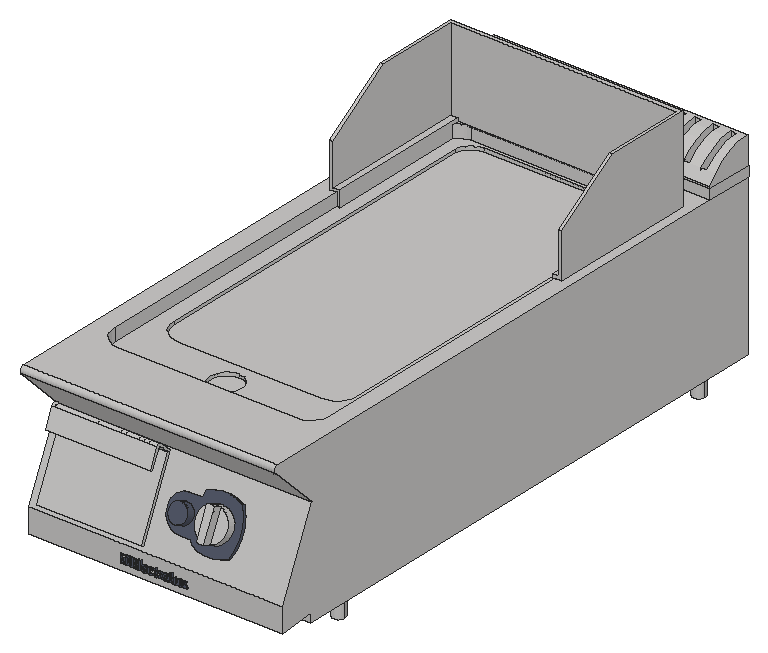
Revit family "QF_ELECTROLUXPROFESSIONAL_391588_E9IINTAOMCI", category Attrezzature speciali, Revit 2021
Family settings
  Quota connettore circolare = Usa diametro
  Tipo di parte = Normale
  Basato su piano di lavoro = No
  Sempre verticale = Sì
  Taglio con vuoti quando caricato = No
  Condiviso = No
  Punto di calcolo locali = No
Parameters (values of type "Standard")
  Weight = 55.00 kg
  Watts = 0 W
  Volts = 0 V
  URL Manufacturer = "https://www.electroluxprofessional.com/"
  URL = "https://www.electroluxprofessional.com/"
  Steam Supply Size = 0"
  Steam Supply Minimum Pressure = 0.00 psi
  Steam Supply Maximum Pressure = 0.00 psi
  Steam Consumption per Hour = 0
  Show Logo [instance] = yes
  Show Clearance [instance] = yes
  Refrigeration Suction Line Size = 0 mm
  Refrigeration Liquid Line Size = 0 mm
  Refrigerant Compressor Remote = yes
  Prospetto di default = 0 mm
  Phase = 0
  Modello = "E9IINTAOMCI"
  Produttore = "Electrolux Professional"
  Length Actual = 400 mm  # constant formula
  Item Number = "391588"
  Hot Water Size = 0"
  Height Actual = 250 mm  # constant formula
  HP = "0 HP"
  Gas Size = 1/2"
  Gas KW = 10
  Gas Input Pressure = 0.336018 Btu/h
  Direct Waste Size = 0"
  Descrizione = "GAS FRY TOP SMOOTH HORIZONTAL PLATE 400MM-BRUSHED CHROME - QMARK"
  Depth Actual = 930 mm  # constant formula
  Cycle = 0 Hz
  Condensate Return Size = 0"
  Compressed Air Volume = 0 GPM
  Compressed Air Size = 0"
  Compressed Air Pressure = 0.00 psi
  Cold Water Size = 0"
  Base Height [instance] = 24 mm  # constant formula
  Accessory = yes
Reference planes
  plane 1 "BACK": y = 0
  plane 2: z = 0
  plane 3 "LEFT": x = 0
  plane 4 "RIGHT": x = 400
  plane 5 "FRONT": y = -930
  plane 6 "TOP": z = 410
  plane 7 "Center Y": x = 200
  plane 8 "Center X": y = -465
  plane 9 "BASE": z = 24
  plane 10: y = -791
  plane 11: y = -83
  plane 12: x = 348
  plane 13: y = -1045
  plane 14: z = 275
  plane 15: y = -666
  plane 16: y = -346.873
Forms (mm)
  Extrusion 1, solid, material "QF_Clearances", visible <- "Show Clearance", detail levels coarse
    sketch origin (0, 0, 0) x (1, 0, 0) y (0, 1, 0)
      loop
        line (0, -930) -> (0, 0) -> (400.05, 0) -> (400.05, -930) -> (500.069, -930) -> (500.069, 100.019) -> (-100.019, 100.019) -> (-100.019, -930) -> (0, -930)
    from 0 to 410
  Extrusion 2, solid, material "QF_Finishes_Stainless Steel"
    sketch origin (0, -200, 0) x (0, 1, 0) y (0, 0, 1)
      loop
        line (200, 275) -> (-723.497, 275)
        arc (-723.497, 275) -> (-729.729, 270.836) -> (-728.267, 263.485) r 6.745
        line (-728.267, 263.485) -> (-657.416, 192.634) -> (-713.772, 70.59) -> (-713.772, 32.49) -> (-660.4, 38.1) -> (-660.4, 24) -> (200, 24) -> (200, 275)
    from 0 to 400.05
  Extrusion 3, void
    sketch origin (0, -202.381, 275.4) x (-1, 0, 0) y (0, -1, 0)
      loop
        arc (-55.4, -87.381) -> (-37.439, -79.942) -> (-30, -61.981) r 25.4
        line (-30, -61.981) -> (-30, 579.98)
        arc (-30, 579.98) -> (-40.99, 606.513) -> (-67.523, 617.504) r 37.523
        line (-67.523, 617.504) -> (-344.314, 617.504)
        arc (-344.314, 617.504) -> (-366.048, 608.501) -> (-375.05, 586.768) r 30.736
        line (-375.05, 586.768) -> (-375.05, -61.981)
        arc (-375.05, -61.981) -> (-367.611, -79.942) -> (-349.65, -87.381) r 25.4
        line (-349.65, -87.381) -> (-55.4, -87.381)
    from 0 to -20
  Extrusion 4, solid, material "QF_Finishes_Stainless Steel"
    sketch origin (0, -200, 0) x (1, 0, 0) y (0, 1, 0)
      loop
        circle (11.112, 117) r 9.525
      loop
        circle (11.112, -591) r 9.525
      loop
        circle (388.887, 117) r 9.525
      loop
        circle (388.888, -591) r 9.525
    from 0 to 24
  Extrusion 5, solid, material "QF_Finishes_Navy Blue - Electrolux"
    sketch origin (115.456, -913.772, 69.19) x (0, 0.419232, 0.907879) y (-1, 0, 0)
      loop
        arc (102.26, -132.62) -> (97.637, -130.762) -> (92.92, -129.161) r 90.355
        arc (92.92, -129.161) -> (93.04, -117.639) -> (92.027, -106.161) r 117.12
        arc (92.027, -106.161) -> (66.337, -82.611) -> (38.409, -103.459) r 27.322
        arc (38.409, -103.459) -> (36.611, -116.6) -> (37.509, -129.833) r 65.199
        arc (37.509, -129.833) -> (34.4, -130.94) -> (31.333, -132.16) r 90.355
        arc (31.333, -132.16) -> (24.504, -161.269) -> (31.333, -190.378) r 65.456
        arc (31.333, -190.378) -> (66.877, -199.452) -> (102.26, -189.765) r 71.728
        arc (102.26, -189.765) -> (108.852, -161.193) -> (102.26, -132.62) r 65.22
    from 0 to 3.175
  Extrusion 6, solid, material "QF_Finishes_Stainless Steel"
    sketch origin (115.456, -917.486, 68.721) x (0, 0.419232, 0.907879) y (-1, 0, 0)
      loop
        circle (68.826, -160.963) r 25.4
    from 0 to 12.7
  Extrusion 7, solid, material "QF_Finishes_Stainless Steel"
    sketch origin (115.456, -929.016, 74.045) x (0, 0.419232, 0.907879) y (-1, 0, 0)
      loop
        arc (93.558, -166.749) -> (94.226, -160.963) -> (93.558, -155.177) r 25.4
        line (93.558, -155.177) -> (44.094, -155.177)
        arc (44.094, -155.177) -> (43.426, -160.963) -> (44.094, -166.749) r 25.4
        line (44.094, -166.749) -> (93.558, -166.749)
    from 0 to 12.7
  Extrusion 8, solid, material "QF_Finishes_Navy Blue - Electrolux", visible <- "Show Logo"
    sketch origin (-142.26, -913.772, 35.853) x (0, 0, 1) y (-1, 0, 0)
      loop
        line (20.674, -296.698) -> (8.307, -296.698)
        arc (8.307, -296.698) -> (14.491, -301.27) -> (20.674, -296.698) r 6.467
      loop
        arc (20.674, -296.069) -> (19.505, -290.926) -> (14.849, -288.448) r 6.338
        line (14.849, -288.448) -> (14.849, -290.494)
        arc (14.849, -290.494) -> (16.333, -294.149) -> (19.778, -296.069) r 5.941
        line (19.778, -296.069) -> (20.674, -296.069)
      loop
        arc (9.203, -296.069) -> (12.648, -294.149) -> (14.132, -290.494) r 5.941
        line (14.132, -290.494) -> (14.132, -288.448)
        arc (14.132, -288.448) -> (9.438, -290.922) -> (8.148, -296.069) r 6.504
        line (8.148, -296.069) -> (9.203, -296.069)
      loop
        line (21.349, -287.979) -> (7.604, -287.979) -> (7.604, -301.742) -> (21.349, -301.742) -> (21.349, -287.979)
      loop
        arc (21.432, -304.71) -> (21.085, -304.352) -> (20.718, -304.69) r 0.358
        arc (20.718, -304.69) -> (20.404, -305.44) -> (19.687, -305.825) r 1.216
        line (19.687, -305.825) -> (9.274, -305.825)
        arc (9.274, -305.825) -> (8.614, -305.548) -> (8.218, -304.951) r 1.238
        arc (8.218, -304.951) -> (7.823, -304.7) -> (7.518, -305.054) r 0.358
        line (7.518, -305.054) -> (7.518, -314.933) -> (10.269, -314.933) -> (10.269, -314.036)
        arc (10.269, -314.036) -> (9.36, -313.456) -> (8.904, -312.479) r 1.928
        line (8.904, -312.479) -> (8.904, -309.98)
        arc (8.904, -309.98) -> (9.18, -309.251) -> (9.868, -308.887) r 1.101
        line (9.868, -308.887) -> (13.955, -308.887) -> (13.955, -312.561)
        arc (13.955, -312.561) -> (13.602, -313.058) -> (13.037, -313.286) r 1.083
        arc (13.037, -313.286) -> (12.773, -313.591) -> (13.065, -313.869) r 0.292
        line (13.065, -313.869) -> (16.028, -313.869)
        arc (16.028, -313.869) -> (16.33, -313.596) -> (16.092, -313.266) r 0.305
        arc (16.092, -313.266) -> (15.601, -313.018) -> (15.296, -312.561) r 1.083
        line (15.296, -312.561) -> (15.296, -308.887) -> (19.973, -308.887) -> (19.973, -312.635)
        arc (19.973, -312.635) -> (19.759, -313.39) -> (19.153, -313.888) r 1.314
        arc (19.153, -313.888) -> (18.934, -314.292) -> (19.288, -314.585) r 0.361
        line (19.288, -314.585) -> (21.432, -314.585) -> (21.432, -304.71)
      loop
        arc (20.715, -315.365) -> (20.335, -316.284) -> (19.416, -316.664) r 1.299
        line (19.416, -316.664) -> (9.837, -316.664)
        arc (9.837, -316.664) -> (8.999, -316.286) -> (8.728, -315.408) r 1.118
        line (8.728, -315.408) -> (7.518, -315.408) -> (7.518, -320.758) -> (8.706, -320.758)
        arc (8.706, -320.758) -> (8.978, -319.841) -> (9.848, -319.445) r 1.153
        line (9.848, -319.445) -> (21.92, -319.445) -> (20.715, -315.365)
      loop
        line (12.483, -323.394) -> (12.483, -329.842) -> (13.282, -329.842)
        arc (13.282, -329.842) -> (15.862, -328.857) -> (17.131, -326.404) r 3.874
        line (17.131, -326.404) -> (17.131, -324.643)
        arc (17.131, -324.643) -> (15.944, -321.778) -> (13.08, -320.592) r 4.051
        line (13.08, -320.592) -> (11.072, -320.592)
        arc (11.072, -320.592) -> (8.253, -322.077) -> (7.202, -325.084) r 4.352
        arc (7.202, -325.084) -> (7.566, -327.547) -> (8.943, -329.621) r 5.713
        line (8.943, -329.621) -> (9.892, -329.621)
        arc (9.892, -329.621) -> (9.16, -328.052) -> (8.943, -326.334) r 5.579
        arc (8.943, -326.334) -> (9.737, -324.371) -> (11.616, -323.394) r 3.057
        line (11.616, -323.394) -> (12.483, -323.394)
      loop
        line (13.742, -323.394) -> (13.742, -326.977)
        arc (13.742, -326.977) -> (15.199, -327.024) -> (16.082, -325.864) r 1.59
        line (16.082, -325.864) -> (16.082, -325.034)
        arc (16.082, -325.034) -> (15.217, -323.779) -> (13.742, -323.394) r 2.184
      loop
        arc (16.533, -339.259) -> (17.022, -337.585) -> (17.179, -335.848) r 9.023
        line (17.179, -335.848) -> (17.179, -334.486)
        arc (17.179, -334.486) -> (16.02, -331.686) -> (13.22, -330.527) r 3.959
        line (13.22, -330.527) -> (10.62, -330.527)
        arc (10.62, -330.527) -> (8.338, -331.819) -> (7.221, -334.192) r 4.331
        line (7.221, -334.192) -> (7.221, -336.327)
        arc (7.221, -336.327) -> (7.729, -337.877) -> (8.651, -339.223) r 5.772
        arc (8.651, -339.223) -> (9.412, -339.274) -> (9.499, -338.515) r 0.553
        arc (9.499, -338.515) -> (9.111, -337.781) -> (8.977, -336.962) r 2.573
        line (8.977, -336.962) -> (8.977, -335.447)
        arc (8.977, -335.447) -> (9.983, -333.806) -> (11.798, -333.163) r 2.884
        line (11.798, -333.163) -> (13.077, -333.163)
        arc (13.077, -333.163) -> (14.898, -333.723) -> (15.824, -335.388) r 2.554
        line (15.824, -335.388) -> (15.824, -336.441)
        arc (15.824, -336.441) -> (15.493, -337.369) -> (14.836, -338.104) r 2.564
        arc (14.836, -338.104) -> (14.614, -338.821) -> (15.223, -339.259) r 0.643
        line (15.223, -339.259) -> (16.533, -339.259)
      loop
        line (15.515, -339.53) -> (15.515, -341.031) -> (9.467, -341.031)
        arc (9.467, -341.031) -> (7.879, -341.688) -> (7.221, -343.276) r 2.246
        line (7.221, -343.276) -> (7.221, -344.86)
        arc (7.221, -344.86) -> (7.535, -345.725) -> (8.035, -346.496) r 4.06
        arc (8.035, -346.496) -> (8.768, -346.629) -> (9.019, -345.928) r 0.576
        arc (9.019, -345.928) -> (8.913, -345.403) -> (8.977, -344.87) r 1.69
        arc (8.977, -344.87) -> (9.519, -344.082) -> (10.425, -343.779) r 1.506
        line (10.425, -343.779) -> (15.563, -343.779) -> (15.563, -346.176) -> (16.119, -346.733) -> (16.941, -346.733) -> (16.941, -343.873) -> (20.172, -343.873) -> (15.515, -339.53)
      loop
        line (7.438, -347.63) -> (7.438, -353.017) -> (8.548, -353.017)
        arc (8.548, -353.017) -> (8.942, -352.066) -> (9.893, -351.672) r 1.345
        line (9.893, -351.672) -> (13.509, -351.672)
        arc (13.509, -351.672) -> (14.274, -352.264) -> (14.564, -353.186) r 1.615
        line (14.564, -353.186) -> (14.564, -354.742) -> (17.119, -355.427) -> (17.119, -354.044) -> (15.177, -351.485) -> (17.057, -351.485) -> (16.773, -348.779)
        arc (16.773, -348.779) -> (16.333, -348.249) -> (15.674, -348.45) r 0.621
        arc (15.674, -348.45) -> (15.274, -348.792) -> (14.78, -348.975) r 1.501
        line (14.78, -348.975) -> (9.893, -348.975)
        arc (9.893, -348.975) -> (8.942, -348.581) -> (8.548, -347.63) r 1.345
        line (8.548, -347.63) -> (7.438, -347.63)
      loop
        line (13.54, -354.964) -> (10.848, -354.964)
        arc (10.848, -354.964) -> (8.403, -356.272) -> (7.269, -358.803) r 4.288
        arc (7.269, -358.803) -> (7.205, -360.183) -> (7.269, -361.563) r 15.022
        arc (7.269, -361.563) -> (8.403, -364.094) -> (10.848, -365.401) r 4.288
        line (10.848, -365.401) -> (13.54, -365.401)
        arc (13.54, -365.401) -> (15.986, -364.094) -> (17.119, -361.563) r 4.288
        arc (17.119, -361.563) -> (17.183, -360.183) -> (17.119, -358.803) r 15.022
        arc (17.119, -358.803) -> (15.986, -356.272) -> (13.54, -354.964) r 4.288
      loop
        line (13.745, -358.078) -> (10.643, -358.078)
        arc (10.643, -358.078) -> (8.486, -360.235) -> (10.643, -362.392) r 2.157
        line (10.643, -362.392) -> (13.745, -362.392)
        arc (13.745, -362.392) -> (15.902, -360.235) -> (13.745, -358.078) r 2.157
      loop
        arc (20.726, -365.26) -> (20.355, -366.154) -> (19.461, -366.524) r 1.264
        line (19.461, -366.524) -> (9.597, -366.524)
        arc (9.597, -366.524) -> (8.727, -366.127) -> (8.455, -365.211) r 1.153
        line (8.455, -365.211) -> (7.518, -365.211) -> (7.518, -370.319) -> (8.446, -370.319)
        arc (8.446, -370.319) -> (8.805, -369.547) -> (9.597, -369.232) r 1.153
        line (9.597, -369.232) -> (21.92, -369.232) -> (20.726, -365.26)
      loop
        arc (15.846, -369.857) -> (15.647, -370.921) -> (14.678, -371.403) r 1.215
        line (14.678, -371.403) -> (9.658, -371.403)
        arc (9.658, -371.403) -> (8.043, -372.051) -> (7.322, -373.634) r 2.338
        line (7.322, -373.634) -> (7.322, -375.148)
        arc (7.322, -375.148) -> (7.497, -376.152) -> (7.999, -377.038) r 2.979
        line (7.999, -377.038) -> (7.518, -378.835) -> (7.518, -380.524) -> (16.943, -380.524) -> (16.649, -376.32) -> (15.863, -376.32)
        arc (15.863, -376.32) -> (15.507, -377.156) -> (14.755, -377.665) r 1.605
        line (14.755, -377.665) -> (9.652, -377.665)
        arc (9.652, -377.665) -> (9.232, -376.728) -> (9.159, -375.704) r 2.94
        arc (9.159, -375.704) -> (9.72, -374.603) -> (10.873, -374.16) r 1.724
        line (10.873, -374.16) -> (17.07, -374.16) -> (15.846, -369.857)
      loop
        line (16.874, -381.377) -> (15.202, -383.423) -> (12.028, -385.729) -> (8.572, -382.617)
        arc (8.572, -382.617) -> (8.335, -382.223) -> (8.357, -381.764) r 0.789
        line (8.357, -381.764) -> (7.518, -381.764) -> (7.518, -385.309) -> (8.344, -385.309)
        arc (8.344, -385.309) -> (8.686, -384.947) -> (9.176, -385.039) r 0.52
        line (9.176, -385.039) -> (10.976, -386.51) -> (8.858, -387.886)
        arc (8.858, -387.886) -> (8.457, -387.576) -> (8.37, -387.076) r 0.7
        line (8.37, -387.076) -> (7.518, -387.076) -> (7.518, -393.003) -> (8.405, -393.003)
        arc (8.405, -393.003) -> (8.472, -392.344) -> (8.866, -391.813) r 1.247
        line (8.866, -391.813) -> (13.066, -388.532) -> (15.513, -390.585) -> (16.874, -392.327) -> (16.874, -388.604) -> (15.389, -389.026) -> (13.868, -387.749) -> (15.568, -386.559) -> (16.874, -387.336) -> (16.874, -381.377)
    from 0 to 1.644
  Extrusion 9, solid, material "QF_Finishes_Stainless Steel"
    sketch origin (0, -200, 0) x (0, 1, 0) y (0, 0, 1)
      loop
        line (-658.831, 188.559) -> (-675.238, 204.966)
        arc (-675.238, 204.966) -> (-679.705, 206.368) -> (-683.409, 203.504) r 5.058
        line (-683.409, 203.504) -> (-696.071, 175.994) -> (-693.187, 174.666) -> (-680.525, 202.176)
        arc (-680.525, 202.176) -> (-679.146, 203.243) -> (-677.483, 202.721) r 1.883
        line (-677.483, 202.721) -> (-662.64, 187.878) -> (-713.474, 77.433) -> (-710.589, 76.105) -> (-658.831, 188.559)
    from 12.7 to 177.8
  Extrusion 10, solid, material "QF_Door-Drawer Clearances", visible <- "Show Clearance", detail levels coarse
    sketch origin (0, -301.6, 0) x (0, 1, 0) y (0, 0, 1)
      loop
        line (-576.323, 206.368) -> (-709.631, 206.368)
        arc (-709.631, 206.368) -> (-711.835, 205.39) -> (-713.335, 203.504) r 5.058
        line (-713.335, 203.504) -> (-725.997, 175.994) -> (-723.113, 174.666) -> (-710.451, 202.176)
        arc (-710.451, 202.176) -> (-709.072, 203.243) -> (-707.409, 202.721) r 1.883
        line (-707.409, 202.721) -> (-692.566, 187.878) -> (-743.4, 77.433) -> (-740.516, 76.105) -> (-608.989, 76.105) -> (-557.231, 188.559) -> (-573.638, 204.966)
        arc (-573.638, 204.966) -> (-574.873, 205.873) -> (-576.323, 206.368) r 5.058
    from 12.7 to 177.8
  Extrusion 11, solid, material "QF_Finishes_Stainless Steel"
    sketch origin (0, 0, 24) x (-1, 0, 0) y (0, 1, 0)
      loop
        circle (-348.05, -666) r 6.4
    from 0 to 18
  Extrusion 12, solid, material "QF_Finishes_Stainless Steel"
    sketch origin (0, -200, 0) x (0, -1, 0) y (0, 0, 1)
      loop
        line (-124.988, 275) -> (-124.988, 290) -> (-200, 290) -> (-200, 275) -> (-124.988, 275)
    from 0 to -400.05
  Extrusion 13, solid, material "QF_Finishes_Stainless Steel"
    sketch origin (0, 0, 0) x (0, 1, 0) y (0, 0, 1)
      loop
        line (0, 290) -> (0, 333.762)
        arc (0, 333.762) -> (-42.919, 323.313) -> (-75.012, 292.959) r 86.116
        line (-75.012, 292.959) -> (-75.012, 290) -> (0, 290)
    from 0 to 400
  Extrusion 14, void
    sketch origin (0, 0, 273.238) x (-1, 0, 0) y (0, -1, 0)
      loop
        line (-13.453, 6.761) -> (-13.453, 63.911) -> (-22.749, 63.911) -> (-22.749, 6.761) -> (-13.453, 6.761)
    from 25.4 to 63.5
  Extrusion 15, void
    sketch origin (400.05, 0, 273.238) x (1, 0, 0) y (0, 1, 0)
      loop
        line (-13.503, -6.761) -> (-22.799, -6.761) -> (-22.799, -63.911) -> (-13.503, -63.911) -> (-13.503, -6.761)
    from 25.4 to 63.5
  Extrusion 16, void
    sketch origin (27.988, 0, 273.238) x (-1, 0, 0) y (0, -1, 0)
      loop
        line (-13.453, 6.761) -> (-13.453, 63.911) -> (-22.749, 63.911) -> (-22.749, 6.761) -> (-13.453, 6.761)
    from 25.4 to 63.5
  Extrusion 17, void
    sketch origin (55.977, 0, 273.238) x (-1, 0, 0) y (0, -1, 0)
      loop
        line (-13.453, 6.761) -> (-13.453, 63.911) -> (-22.749, 63.911) -> (-22.749, 6.761) -> (-13.453, 6.761)
    from 25.4 to 63.5
  Extrusion 18, void
    sketch origin (83.965, 0, 273.238) x (-1, 0, 0) y (0, -1, 0)
      loop
        line (-13.428, 6.761) -> (-13.428, 63.911) -> (-22.724, 63.911) -> (-22.724, 6.761) -> (-13.428, 6.761)
    from 25.4 to 63.5
  Extrusion 19, void
    sketch origin (111.953, 0, 273.238) x (-1, 0, 0) y (0, -1, 0)
      loop
        line (-13.428, 6.761) -> (-13.428, 63.911) -> (-22.724, 63.911) -> (-22.724, 6.761) -> (-13.428, 6.761)
    from 25.4 to 63.5
  Extrusion 20, void
    sketch origin (139.942, 0, 273.238) x (-1, 0, 0) y (0, -1, 0)
      loop
        line (-13.428, 6.761) -> (-13.428, 63.911) -> (-22.724, 63.911) -> (-22.724, 6.761) -> (-13.428, 6.761)
    from 25.4 to 63.5
  Extrusion 21, void
    sketch origin (167.93, 0, 273.238) x (-1, 0, 0) y (0, -1, 0)
      loop
        line (-13.428, 6.761) -> (-13.428, 63.911) -> (-22.724, 63.911) -> (-22.724, 6.761) -> (-13.428, 6.761)
    from 25.4 to 63.5
  Extrusion 22, void
    sketch origin (307.872, 0, 273.238) x (-1, 0, 0) y (0, -1, 0)
      loop
        line (-13.403, 6.761) -> (-13.403, 63.911) -> (-22.699, 63.911) -> (-22.699, 6.761) -> (-13.403, 6.761)
    from 25.4 to 63.5
  Extrusion 23, void
    sketch origin (335.86, 0, 273.238) x (-1, 0, 0) y (0, -1, 0)
      loop
        line (-13.403, 6.761) -> (-13.403, 63.911) -> (-22.699, 63.911) -> (-22.699, 6.761) -> (-13.403, 6.761)
    from 25.4 to 63.5
  Extrusion 24, void
    sketch origin (228.013, 0, 273.238) x (-1, 0, 0) y (0, -1, 0)
      loop
        line (-13.428, 6.761) -> (-13.428, 63.911) -> (-22.724, 63.911) -> (-22.724, 6.761) -> (-13.428, 6.761)
    from 25.4 to 63.5
  Extrusion 25, void
    sketch origin (256.002, 0, 273.238) x (-1, 0, 0) y (0, -1, 0)
      loop
        line (-13.428, 6.761) -> (-13.428, 63.911) -> (-22.724, 63.911) -> (-22.724, 6.761) -> (-13.428, 6.761)
    from 25.4 to 63.5
  Extrusion 26, void
    sketch origin (283.99, 0, 273.238) x (-1, 0, 0) y (0, -1, 0)
      loop
        line (-13.403, 6.761) -> (-13.403, 63.911) -> (-22.699, 63.911) -> (-22.699, 6.761) -> (-13.403, 6.761)
    from 25.4 to 63.5
  Extrusion 27, void
    sketch origin (200.025, 0, 273.238) x (-1, 0, 0) y (0, -1, 0)
      loop
        line (-13.428, 6.761) -> (-13.428, 63.911) -> (-22.724, 63.911) -> (-22.724, 6.761) -> (-13.428, 6.761)
    from 25.4 to 63.5
  Extrusion 28, void
    sketch origin (0, -202.381, 255.4) x (0, -1, 0) y (-1, 0, 0)
      loop
        arc (-56.619, -55) -> (-74.579, -62.439) -> (-82.019, -80.4) r 25.4
        line (-82.019, -80.4) -> (-82.019, -322.6)
        arc (-82.019, -322.6) -> (-74.579, -340.561) -> (-56.619, -348) r 25.4
        line (-56.619, -348) -> (501.768, -348)
        arc (501.768, -348) -> (523.501, -338.998) -> (532.504, -317.264) r 30.736
        line (532.504, -317.264) -> (532.504, -92.523)
        arc (532.504, -92.523) -> (521.513, -65.99) -> (494.98, -55) r 37.523
        line (494.98, -55) -> (-56.619, -55)
      loop
        circle (572.619, -200) r 25
    from 0 to 5
  Extrusion 29, solid, material "QF_Finishes_Navy Blue - Electrolux"
    sketch origin (115.456, -916.655, 70.521) x (0, 0.419232, 0.907879) y (-1, 0, 0)
      loop
        circle (65.09, -109.237) r 15
    from 0 to 12.7
  Extrusion 30, solid, material "QF_Finishes_Stainless Steel"
    sketch origin (0, 0, 275) x (0, 0, -1) y (-1, 0, 0)
      loop
        line (19.6, -30) -> (0, -30) -> (0, -20) -> (-135, -20) -> (-135, -25) -> (-5, -25) -> (-5, -35) -> (19.6, -35) -> (19.6, -30)
      loop
        line (19.6, -375.05) -> (19.6, -370.05) -> (-5, -370.05) -> (-5, -380.05) -> (-135, -380.05) -> (-135, -385.05) -> (0, -385.05) -> (0, -375.05) -> (19.6, -375.05)
    from -110 to -346.873
  Extrusion 31, void
    sketch origin (385.05, 0, 292.959) x (0, 0, -1) y (0, -1, 0)
      loop
        line (-52.041, 346.873) -> (-117.041, 346.873) -> (-117.041, 246.781) -> (-52.041, 346.873)
    from 0 to 12.7
  Extrusion 32, void
    sketch origin (25, 0, 292.959) x (0, 0, -1) y (0, -1, 0)
      loop
        line (-52.041, 346.873) -> (-117.041, 346.873) -> (-117.041, 246.781) -> (-52.041, 346.873)
    from 0 to 12.7
  Extrusion 33, solid, material "QF_Finishes_Stainless Steel"
    sketch origin (0, -110, 275) x (0, 0, -1) y (-1, 0, 0)
      loop
        line (-135, -20) -> (-135, -385.05) -> (0, -385.05) -> (0, -20) -> (-135, -20)
    from 0 to -5
Cuts and joins
  Extrusion 3, Extrusion 28 cuts Extrusion 2
  Extrusion 14, Extrusion 15, Extrusion 16, Extrusion 17, Extrusion 18, Extrusion 19, Extrusion 20, Extrusion 21, Extrusion 22, Extrusion 23, Extrusion 24, Extrusion 25, Extrusion 26, Extrusion 27 cuts Extrusion 13
  Extrusion 24 cuts Extrusion 1
  Extrusion 31, Extrusion 32 cuts Extrusion 30
  joined: Extrusion 30, Extrusion 33
Lines and regions (mm)
  Split face 1
    outline origin (115.456, -928.185, 75.846) x (0, 0.419232, 0.907879) y (-1, 0, 0)
      loop
        line (78.679, -108.296) -> (67.103, -108.296) -> (67.103, -110.296) -> (78.679, -110.296) -> (78.679, -108.296)
  symbolic lines, style "QF_Clearances", visible <- "Show Clearance", detail levels coarse
    curve 1: line (-100.019, 100.019, 276.225) -> (-100.019, -930, 276.225)
    curve 2: line (500.069, 100.019, 276.225) -> (-100.019, 100.019, 276.225)
    curve 3: line (500.069, -930, 276.225) -> (500.069, 100.019, 276.225)
  symbolic lines
    curve 4: line (0, -75.012, 276.225) -> (400.05, -75.012, 276.225)
    curve 5: line (0, -930.25, 276.225) -> (0, 0, 276.225)
    curve 6: line (400.05, 0, 276.225) -> (400.05, -930.25, 276.225)
    curve 7: line (30, -346.873, 276.225) -> (30, -782.362, 276.225)
    curve 8: arc (30, -782.362, 276.225) -> (40.99, -808.895, 276.225) -> (67.523, -819.885, 276.225) r 37.523
    curve 9: arc (344.314, -819.885, 276.225) -> (366.048, -810.883, 276.225) -> (375.05, -789.149, 276.225) r 30.736
    curve 10: line (375.05, -789.149, 276.225) -> (375.05, -346.873, 276.225)
    curve 11: line (400.05, -930.25, 276.225) -> (0, -930.25, 276.225)
    curve 12: line (67.523, -819.885, 276.225) -> (344.314, -819.885, 276.225)
    curve 16: line (0, 0, 276.225) -> (400.05, 0, 276.225)
    curve 17: line (22.749, -6.761, 276.225) -> (22.749, -63.911, 276.225)
    curve 18: line (22.749, -63.911, 276.225) -> (13.453, -63.911, 276.225)
    curve 19: line (13.453, -63.911, 276.225) -> (13.453, -6.761, 276.225)
    curve 20: line (13.453, -6.761, 276.225) -> (22.749, -6.761, 276.225)
    curve 21: line (50.737, -6.761, 276.225) -> (50.737, -63.911, 276.225)
    curve 22: line (50.737, -63.911, 276.225) -> (41.441, -63.911, 276.225)
    curve 23: line (41.441, -63.911, 276.225) -> (41.441, -6.761, 276.225)
    curve 24: line (41.441, -6.761, 276.225) -> (50.737, -6.761, 276.225)
    curve 25: line (78.725, -6.761, 276.225) -> (78.725, -63.911, 276.225)
    curve 26: line (78.725, -63.911, 276.225) -> (69.43, -63.911, 276.225)
    curve 27: line (69.43, -63.911, 276.225) -> (69.43, -6.761, 276.225)
    curve 28: line (69.43, -6.761, 276.225) -> (78.725, -6.761, 276.225)
    curve 29: line (106.689, -6.761, 276.225) -> (106.689, -63.911, 276.225)
    curve 30: line (106.689, -63.911, 276.225) -> (97.393, -63.911, 276.225)
    curve 31: line (97.393, -63.911, 276.225) -> (97.393, -6.761, 276.225)
    curve 32: line (97.393, -6.761, 276.225) -> (106.689, -6.761, 276.225)
    curve 33: line (134.677, -6.761, 276.225) -> (134.677, -63.911, 276.225)
    curve 34: line (134.677, -63.911, 276.225) -> (125.381, -63.911, 276.225)
    curve 35: line (125.381, -63.911, 276.225) -> (125.381, -6.761, 276.225)
    curve 36: line (125.381, -6.761, 276.225) -> (134.677, -6.761, 276.225)
    curve 37: line (162.665, -6.761, 276.225) -> (162.665, -63.911, 276.225)
    curve 38: line (162.665, -63.911, 276.225) -> (153.37, -63.911, 276.225)
    curve 39: line (153.37, -63.911, 276.225) -> (153.37, -6.761, 276.225)
    curve 40: line (153.37, -6.761, 276.225) -> (162.665, -6.761, 276.225)
    curve 41: line (190.654, -6.761, 276.225) -> (190.654, -63.911, 276.225)
    curve 42: line (190.654, -63.911, 276.225) -> (181.358, -63.911, 276.225)
    curve 43: line (181.358, -63.911, 276.225) -> (181.358, -6.761, 276.225)
    curve 44: line (181.358, -6.761, 276.225) -> (190.654, -6.761, 276.225)
    curve 45: line (222.749, -6.761, 276.225) -> (222.749, -63.911, 276.225)
    curve 46: line (222.749, -63.911, 276.225) -> (213.453, -63.911, 276.225)
    curve 47: line (213.453, -63.911, 276.225) -> (213.453, -6.761, 276.225)
    curve 48: line (213.453, -6.761, 276.225) -> (222.749, -6.761, 276.225)
    curve 49: line (250.737, -6.761, 276.225) -> (250.737, -63.911, 276.225)
    curve 50: line (250.737, -63.911, 276.225) -> (241.441, -63.911, 276.225)
    curve 51: line (241.441, -63.911, 276.225) -> (241.441, -6.761, 276.225)
    curve 52: line (241.441, -6.761, 276.225) -> (250.737, -6.761, 276.225)
    curve 53: line (278.725, -6.761, 276.225) -> (278.725, -63.911, 276.225)
    curve 54: line (278.725, -63.911, 276.225) -> (269.43, -63.911, 276.225)
    curve 55: line (269.43, -63.911, 276.225) -> (269.43, -6.761, 276.225)
    curve 56: line (269.43, -6.761, 276.225) -> (278.725, -6.761, 276.225)
    curve 57: line (306.689, -6.761, 276.225) -> (306.689, -63.911, 276.225)
    curve 58: line (306.689, -63.911, 276.225) -> (297.393, -63.911, 276.225)
    curve 59: line (297.393, -63.911, 276.225) -> (297.393, -6.761, 276.225)
    curve 60: line (297.393, -6.761, 276.225) -> (306.689, -6.761, 276.225)
    curve 61: line (330.57, -6.761, 276.225) -> (330.57, -63.911, 276.225)
    curve 62: line (330.57, -63.911, 276.225) -> (321.275, -63.911, 276.225)
    curve 63: line (321.275, -63.911, 276.225) -> (321.275, -6.761, 276.225)
    curve 64: line (321.275, -6.761, 276.225) -> (330.57, -6.761, 276.225)
    curve 65: line (358.559, -6.761, 276.225) -> (358.559, -63.911, 276.225)
    curve 66: line (358.559, -63.911, 276.225) -> (349.263, -63.911, 276.225)
    curve 67: line (349.263, -63.911, 276.225) -> (349.263, -6.761, 276.225)
    curve 68: line (349.263, -6.761, 276.225) -> (358.559, -6.761, 276.225)
    curve 69: line (386.547, -6.761, 276.225) -> (386.547, -63.911, 276.225)
    curve 70: line (386.547, -63.911, 276.225) -> (377.251, -63.911, 276.225)
    curve 71: line (377.251, -63.911, 276.225) -> (377.251, -6.761, 276.225)
    curve 72: line (377.251, -6.761, 276.225) -> (386.547, -6.761, 276.225)
    curve 73: line (20, -110, 276.225) -> (20, -346.873, 276.225)
    curve 74: line (385.05, -110, 276.225) -> (20, -110, 276.225)
    curve 75: line (385.05, -346.873, 276.225) -> (385.05, -110, 276.225)
    curve 76: line (20, -346.873, 276.225) -> (35, -346.873, 276.225)
    curve 77: line (370.05, -346.873, 276.225) -> (385.05, -346.873, 276.225)
    curve 78: arc (55, -145.762, 276.225) -> (62.439, -127.802, 276.225) -> (80.4, -120.362, 276.225) r 25.4
    curve 79: line (80.4, -120.362, 276.225) -> (322.6, -120.362, 276.225)
    curve 80: arc (322.6, -120.362, 276.225) -> (340.561, -127.802, 276.225) -> (348, -145.762, 276.225) r 25.4
    curve 81: line (348, -145.762, 276.225) -> (348, -704.149, 276.225)
    curve 82: arc (348, -704.149, 276.225) -> (338.998, -725.883, 276.225) -> (317.264, -734.885, 276.225) r 30.736
    curve 83: line (317.264, -734.885, 276.225) -> (92.523, -734.885, 276.225)
    curve 84: arc (92.523, -734.885, 276.225) -> (65.99, -723.895, 276.225) -> (55, -697.362, 276.225) r 37.523
    curve 85: line (55, -697.362, 276.225) -> (55, -145.762, 276.225)
    curve 86: line (370.05, -346.873, 276.225) -> (370.05, -115, 276.225)
    curve 87: line (380.05, -115, 276.225) -> (380.05, -346.873, 276.225)
    curve 88: line (35, -346.873, 276.225) -> (35, -115, 276.225)
    curve 89: line (25, -346.873, 276.225) -> (25, -115, 276.225)
    curve 90: line (35, -115, 276.225) -> (380.05, -115, 276.225)
    curve 91: arc (370.05, -125.267, 276.225) -> (361.069, -117.712, 276.225) -> (349.65, -115, 276.225) r 25.4
    curve 92: arc (55.4, -115, 276.225) -> (43.981, -117.712, 276.225) -> (35, -125.267, 276.225) r 25.4
    curve 93: arc (200, -750, 276.225) -> (225, -775, 276.225) -> (200, -800, 276.225) r 25
    curve 94: arc (200, -800, 276.225) -> (175, -775, 276.225) -> (200, -750, 276.225) r 25
  symbolic lines, style "QF_Door-Drawer Clearances", visible <- "Show Clearance", detail levels coarse
    curve 13: line (12.7, -930.25, 276.225) -> (12.7, -1045, 276.225)
    curve 14: line (12.7, -1045, 276.225) -> (177.8, -1045, 276.225)
    curve 15: line (177.8, -1045, 276.225) -> (177.8, -930.25, 276.225)
Dimensions and locks
  equal spacing: plane 3 "LEFT", plane 7 "Center Y", plane 4 "RIGHT"
  plane 3 "LEFT" to plane 4 "RIGHT" = 400 mm
  equal spacing: plane 5 "FRONT", plane 8 "Center X", plane 1 "BACK"
  plane 5 "FRONT" to plane 1 "BACK" = 930 mm  (x2)
  plane 1 "BACK" to plane 5 "FRONT" = 930 mm
  "Base Height": plane 9 "BASE" to level
  plane 9 "BASE" to level = 24 mm
  plane 6 "TOP" to level = 410 mm
  plane 6 "TOP" to plane 9 "BASE" = 386 mm
  plane 13 to plane 1 "BACK" = 1045 mm
  Extrusion 4 sketch curve to plane 1 "BACK" = 83 mm
  plane 10 to plane 11 to plane 1 "BACK" = 708 mm, 83 mm
  Extrusion 4 sketch curve to Extrusion 4 sketch curve = 708 mm
  plane 5 "FRONT" to plane 10 = 139 mm
  Extrusion 11 to plane 9 "BASE" = 18 mm
  plane 14 to plane 9 "BASE" = 251 mm
  plane 15 to plane 1 "BACK" = 666 mm
  plane 9 "BASE" to plane 2 = 24 mm
  plane 9 "BASE" to cut or joined group of Extrusion 13, Extrusion 14, Extrusion 15, Extrusion 16, Extrusion 17, Extrusion 18, Extrusion 19, Extrusion 20, Extrusion 21, Extrusion 22, Extrusion 23, Extrusion 24, Extrusion 25, Extrusion 26, Extrusion 27 = 266 mm
  aligned and locked: level to plane 2
  aligned and locked: plane 9 "BASE" to Extrusion 4
Automatic sketch dimensions
  plane 5 "FRONT" to Extrusion 1 sketch curve = 0 mm  (x2)
  plane 1 "BACK" to Extrusion 1 sketch curve = 0 mm
  Extrusion 1 sketch curve to plane 3 "LEFT" = 0 mm
  Extrusion 1 sketch curve to plane 3 "LEFT" = 100.019 mm
  plane 4 "RIGHT" to Extrusion 1 sketch curve = 0.05 mm
  Extrusion 1 sketch curve to Extrusion 1 sketch curve = 100.019 mm
  Extrusion 1 sketch curve to plane 1 "BACK" = 100.019 mm
  Extrusion 2 sketch curve to plane 14 = 0 mm
  Extrusion 2 sketch curve to plane 9 "BASE" = 0 mm
  Extrusion 2 sketch curve to plane 1 "BACK" = 0 mm
  plane 10 to Extrusion 2 sketch curve = 66.416 mm
  plane 9 "BASE" to Extrusion 2 sketch curve = 14.1 mm
  plane 10 to Extrusion 2 sketch curve = 69.4 mm
  Extrusion 2 sketch curve to plane 5 "FRONT" = 16.228 mm
  Extrusion 2 sketch curve to plane 5 "FRONT" = 6.503 mm
  Extrusion 2 sketch curve to plane 5 "FRONT" = 1.733 mm
  plane 9 "BASE" to Extrusion 2 sketch curve = 8.49 mm
  Extrusion 2 sketch curve to Extrusion 2 sketch curve = 38.1 mm
  Extrusion 2 sketch curve to plane 14 = 82.366 mm
  Extrusion 2 sketch curve to plane 14 = 11.515 mm
  plane 10 to Extrusion 4 sketch curve = 0 mm
  plane 11 to Extrusion 4 sketch curve = 0 mm
  plane 3 "LEFT" to Extrusion 4 sketch curve = 11.112 mm  (x2)
  Extrusion 4 sketch curve to plane 4 "RIGHT" = 11.113 mm  (x2)
  Extrusion 5 sketch curve to Extrusion 5 sketch curve = 0 mm  (x5)
  plane 7 "Center Y" to Extrusion 5 sketch curve = 37.638 mm
  Extrusion 5 sketch curve to Extrusion 5 sketch curve = 55.325 mm
  plane 12 to Extrusion 5 sketch curve = 42.166 mm
  Extrusion 5 sketch curve to Extrusion 5 sketch curve = 6.176 mm
  Extrusion 5 sketch curve to Extrusion 5 sketch curve = 0.9 mm
  Extrusion 5 sketch curve to Extrusion 5 sketch curve = 12.3 mm  (x2)
  Extrusion 5 sketch curve to Extrusion 5 sketch curve = 26.552 mm
  plane 12 to Extrusion 5 sketch curve = 17.051 mm
  Extrusion 5 sketch curve to Extrusion 5 sketch curve = 34.925 mm
  Extrusion 5 sketch curve to Extrusion 5 sketch curve = 1.296 mm
  Extrusion 5 sketch curve to Extrusion 5 sketch curve = 23.703 mm
  plane 7 "Center Y" to Extrusion 5 sketch curve = 21.617 mm
  Extrusion 5 sketch curve to Extrusion 5 sketch curve = 27.065 mm
  Extrusion 5 sketch curve to Extrusion 5 sketch curve = 0.893 mm
  Extrusion 5 sketch curve to Extrusion 5 sketch curve = 8.853 mm
  Extrusion 5 sketch curve to Extrusion 5 sketch curve = 9.34 mm
  Extrusion 5 sketch curve to Extrusion 5 sketch curve = 28.496 mm
  Extrusion 7 sketch curve to Extrusion 7 sketch curve = 24.732 mm
  Extrusion 7 sketch curve to Extrusion 7 sketch curve = 0 mm
  plane 9 "BASE" to Extrusion 8 sketch curve = 14.013 mm
  plane 9 "BASE" to Extrusion 8 sketch curve = 19.054 mm
  plane 7 "Center Y" to Extrusion 8 sketch curve = 2.6 mm
  Extrusion 8 sketch curve to Extrusion 8 sketch curve = 5.06 mm
  Extrusion 8 sketch curve to Extrusion 8 sketch curve = 0 mm  (x28)
  Extrusion 8 sketch curve to Extrusion 8 sketch curve = 5.108 mm  (x2)
  Extrusion 8 sketch curve to Extrusion 8 sketch curve = 0.054 mm
  Extrusion 8 sketch curve to Extrusion 8 sketch curve = 0.218 mm
  Extrusion 8 sketch curve to Extrusion 8 sketch curve = 0.195 mm
  Extrusion 8 sketch curve to Extrusion 8 sketch curve = 0.249 mm
  plane 9 "BASE" to Extrusion 8 sketch curve = 19.371 mm
  Extrusion 8 sketch curve to Extrusion 8 sketch curve = 0.087 mm
  Extrusion 8 sketch curve to Extrusion 8 sketch curve = 0.358 mm
  Extrusion 8 sketch curve to Extrusion 8 sketch curve = 0.481 mm
  Extrusion 8 sketch curve to Extrusion 8 sketch curve = 0.597 mm
  Extrusion 8 sketch curve to Extrusion 8 sketch curve = 0.544 mm
  Extrusion 8 sketch curve to Extrusion 8 sketch curve = 0.936 mm
  Extrusion 8 sketch curve to Extrusion 8 sketch curve = 0.594 mm
  Extrusion 8 sketch curve to Extrusion 8 sketch curve = 0.343 mm
  Extrusion 8 sketch curve to Extrusion 8 sketch curve = 0.159 mm
  Extrusion 8 sketch curve to Extrusion 8 sketch curve = 0.826 mm
  Extrusion 8 sketch curve to Extrusion 8 sketch curve = 0.839 mm
  Extrusion 8 sketch curve to Extrusion 8 sketch curve = 0.852 mm
  Extrusion 8 sketch curve to Extrusion 8 sketch curve = 0.887 mm
  Extrusion 8 sketch curve to Extrusion 8 sketch curve = 0.928 mm
  Extrusion 8 sketch curve to Extrusion 8 sketch curve = 0.938 mm
  Extrusion 8 sketch curve to Extrusion 8 sketch curve = 0.444 mm
  Extrusion 8 sketch curve to Extrusion 8 sketch curve = 1.11 mm  (x3)
  Extrusion 8 sketch curve to Extrusion 8 sketch curve = 0.215 mm
  Extrusion 8 sketch curve to Extrusion 8 sketch curve = 1.43 mm
  Extrusion 8 sketch curve to Extrusion 8 sketch curve = 1.188 mm
  Extrusion 8 sketch curve to Extrusion 8 sketch curve = 1.21 mm  (x2)
  Extrusion 8 sketch curve to Extrusion 8 sketch curve = 0.503 mm
  Extrusion 8 sketch curve to Extrusion 8 sketch curve = 0.488 mm
  Extrusion 8 sketch curve to Extrusion 8 sketch curve = 0.462 mm
  Extrusion 8 sketch curve to Extrusion 8 sketch curve = 1.386 mm
  Extrusion 8 sketch curve to Extrusion 8 sketch curve = 1.742 mm  (x2)
  Extrusion 8 sketch curve to Extrusion 8 sketch curve = 0.821 mm
  Extrusion 8 sketch curve to Extrusion 8 sketch curve = 0.497 mm
  Extrusion 8 sketch curve to Extrusion 8 sketch curve = 0.539 mm
  Extrusion 8 sketch curve to Extrusion 8 sketch curve = 0.686 mm
  Extrusion 8 sketch curve to Extrusion 8 sketch curve = 0.408 mm
  Extrusion 8 sketch curve to Extrusion 8 sketch curve = 0.743 mm
  Extrusion 8 sketch curve to Extrusion 8 sketch curve = 1.16 mm
  Extrusion 8 sketch curve to Extrusion 8 sketch curve = 0.329 mm
  Extrusion 8 sketch curve to Extrusion 8 sketch curve = 1.054 mm
  Extrusion 8 sketch curve to Extrusion 8 sketch curve = 1.056 mm
  Extrusion 8 sketch curve to Extrusion 8 sketch curve = 0.129 mm
  Extrusion 8 sketch curve to Extrusion 8 sketch curve = 0.489 mm
  Extrusion 8 sketch curve to Extrusion 8 sketch curve = 0.441 mm
  Extrusion 8 sketch curve to Extrusion 8 sketch curve = 1.151 mm
  Extrusion 8 sketch curve to Extrusion 8 sketch curve = 1.141 mm  (x2)
  Extrusion 8 sketch curve to Extrusion 8 sketch curve = 0.768 mm
  Extrusion 8 sketch curve to Extrusion 8 sketch curve = 1.653 mm
  Extrusion 8 sketch curve to Extrusion 8 sketch curve = 0.499 mm
  Extrusion 8 sketch curve to Extrusion 8 sketch curve = 0.964 mm
  Extrusion 8 sketch curve to Extrusion 8 sketch curve = 0.949 mm
  Extrusion 8 sketch curve to Extrusion 8 sketch curve = 1.345 mm  (x2)
  Extrusion 8 sketch curve to Extrusion 8 sketch curve = 1.101 mm
  Extrusion 8 sketch curve to Extrusion 8 sketch curve = 0.432 mm
  Extrusion 8 sketch curve to Extrusion 8 sketch curve = 1.142 mm
  Extrusion 8 sketch curve to Extrusion 8 sketch curve = 0.959 mm
  Extrusion 8 sketch curve to Extrusion 8 sketch curve = 0.176 mm
  Extrusion 8 sketch curve to Extrusion 8 sketch curve = 0.728 mm
  Extrusion 8 sketch curve to Extrusion 8 sketch curve = 3.375 mm  (x2)
  Extrusion 8 sketch curve to Extrusion 8 sketch curve = 0.541 mm
  Extrusion 8 sketch curve to Extrusion 8 sketch curve = 0.955 mm
  Extrusion 8 sketch curve to Extrusion 8 sketch curve = 1.251 mm
  Extrusion 8 sketch curve to Extrusion 8 sketch curve = 0.572 mm
  Extrusion 8 sketch curve to Extrusion 8 sketch curve = 1.92 mm
  Extrusion 8 sketch curve to Extrusion 8 sketch curve = 1.224 mm
  Extrusion 8 sketch curve to Extrusion 8 sketch curve = 0.745 mm
  Extrusion 8 sketch curve to Extrusion 8 sketch curve = 2.537 mm
  Extrusion 8 sketch curve to Extrusion 8 sketch curve = 0.896 mm  (x3)
  Extrusion 8 sketch curve to Extrusion 8 sketch curve = 0.036 mm
  Extrusion 8 sketch curve to Extrusion 8 sketch curve = 2.607 mm
  Extrusion 8 sketch curve to Extrusion 8 sketch curve = 0.066 mm
  Extrusion 8 sketch curve to Extrusion 8 sketch curve = 0.248 mm
  Extrusion 8 sketch curve to Extrusion 8 sketch curve = 0.449 mm
  Extrusion 8 sketch curve to Extrusion 8 sketch curve = 1.052 mm
  Extrusion 8 sketch curve to Extrusion 8 sketch curve = 1.863 mm
  Extrusion 8 sketch curve to Extrusion 8 sketch curve = 1.31 mm  (x2)
  Extrusion 8 sketch curve to Extrusion 8 sketch curve = 0.901 mm
  Extrusion 8 sketch curve to Extrusion 8 sketch curve = 1.107 mm
  Extrusion 8 sketch curve to Extrusion 8 sketch curve = 2.122 mm
  Extrusion 8 sketch curve to Extrusion 8 sketch curve = 2.101 mm
  Extrusion 8 sketch curve to Extrusion 8 sketch curve = 0.106 mm
  Extrusion 8 sketch curve to Extrusion 8 sketch curve = 0.029 mm
  Extrusion 8 sketch curve to Extrusion 8 sketch curve = 2.09 mm
  Extrusion 8 sketch curve to Extrusion 8 sketch curve = 1.279 mm
  Extrusion 8 sketch curve to Extrusion 8 sketch curve = 2.008 mm
  Extrusion 8 sketch curve to Extrusion 8 sketch curve = 0.738 mm
  Extrusion 8 sketch curve to Extrusion 8 sketch curve = 0.382 mm
  Extrusion 8 sketch curve to Extrusion 8 sketch curve = 0.384 mm
  Extrusion 8 sketch curve to Extrusion 8 sketch curve = 0.002 mm
  Extrusion 8 sketch curve to Extrusion 8 sketch curve = 0.561 mm
  Extrusion 8 sketch curve to Extrusion 8 sketch curve = 0.592 mm
  Extrusion 8 sketch curve to Extrusion 8 sketch curve = 2.692 mm
  Extrusion 8 sketch curve to Extrusion 8 sketch curve = 1.259 mm
  Extrusion 8 sketch curve to Extrusion 8 sketch curve = 0.802 mm
  Extrusion 8 sketch curve to Extrusion 8 sketch curve = 1.024 mm
  Extrusion 8 sketch curve to Extrusion 8 sketch curve = 0.682 mm
  Extrusion 8 sketch curve to Extrusion 8 sketch curve = 5.934 mm
  Extrusion 8 sketch curve to Extrusion 8 sketch curve = 2.186 mm
  Extrusion 8 sketch curve to Extrusion 8 sketch curve = 0.337 mm
  Extrusion 8 sketch curve to Extrusion 8 sketch curve = 0.021 mm
  Extrusion 8 sketch curve to Extrusion 8 sketch curve = 1.005 mm
  Extrusion 8 sketch curve to Extrusion 8 sketch curve = 0.552 mm
  Extrusion 8 sketch curve to Extrusion 8 sketch curve = 0.778 mm
  Extrusion 8 sketch curve to Extrusion 8 sketch curve = 0.063 mm
  Extrusion 8 sketch curve to Extrusion 8 sketch curve = 1.023 mm
  Extrusion 8 sketch curve to Extrusion 8 sketch curve = 3.804 mm
  Extrusion 8 sketch curve to Extrusion 8 sketch curve = 0.486 mm
  Extrusion 8 sketch curve to Extrusion 8 sketch curve = 0.266 mm  (x2)
  Extrusion 8 sketch curve to Extrusion 8 sketch curve = 1.547 mm
  Extrusion 8 sketch curve to Extrusion 8 sketch curve = 0.717 mm  (x2)
  Extrusion 8 sketch curve to Extrusion 8 sketch curve = 1.667 mm
  Extrusion 8 sketch curve to Extrusion 8 sketch curve = 3.174 mm
  Extrusion 8 sketch curve to Extrusion 8 sketch curve = 0.388 mm
  Extrusion 8 sketch curve to Extrusion 8 sketch curve = 1.342 mm
  Extrusion 8 sketch curve to Extrusion 8 sketch curve = 1.521 mm
  Extrusion 8 sketch curve to Extrusion 8 sketch curve = 0.124 mm
  Extrusion 8 sketch curve to Extrusion 8 sketch curve = 0.291 mm
  plane 7 "Center Y" to Extrusion 8 sketch curve = 3.916 mm
  Extrusion 8 sketch curve to Extrusion 8 sketch curve = 1.049 mm  (x2)
  Extrusion 8 sketch curve to Extrusion 8 sketch curve = 1.7 mm
  Extrusion 8 sketch curve to Extrusion 8 sketch curve = 0.894 mm
  Extrusion 8 sketch curve to Extrusion 8 sketch curve = 0.989 mm
  Extrusion 8 sketch curve to Extrusion 8 sketch curve = 1.168 mm
  Extrusion 8 sketch curve to Extrusion 8 sketch curve = 1.594 mm
  Extrusion 8 sketch curve to Extrusion 8 sketch curve = 0.731 mm
  Extrusion 8 sketch curve to Extrusion 8 sketch curve = 1.566 mm
  Extrusion 8 sketch curve to Extrusion 8 sketch curve = 0.064 mm
  plane 7 "Center Y" to Extrusion 8 sketch curve = 4.472 mm
  Extrusion 8 sketch curve to Extrusion 8 sketch curve = 0.556 mm  (x2)
  Extrusion 8 sketch curve to Extrusion 8 sketch curve = 0.48 mm
  Extrusion 8 sketch curve to Extrusion 8 sketch curve = 0.228 mm
  Extrusion 8 sketch curve to Extrusion 8 sketch curve = 1.018 mm
  Extrusion 8 sketch curve to Extrusion 8 sketch curve = 0.787 mm
  Extrusion 8 sketch curve to Extrusion 8 sketch curve = 0.618 mm
  Extrusion 8 sketch curve to Extrusion 8 sketch curve = 1.672 mm
  Extrusion 8 sketch curve to Extrusion 8 sketch curve = 1.361 mm
  Extrusion 8 sketch curve to Extrusion 8 sketch curve = 0.822 mm
  Extrusion 8 sketch curve to Extrusion 8 sketch curve = 0.069 mm
  Extrusion 8 sketch curve to Extrusion 8 sketch curve = 1.88 mm
  Extrusion 8 sketch curve to Extrusion 8 sketch curve = 0.42 mm
  Extrusion 8 sketch curve to Extrusion 8 sketch curve = 0.062 mm
  Extrusion 8 sketch curve to Extrusion 8 sketch curve = 1.355 mm
  Extrusion 8 sketch curve to Extrusion 8 sketch curve = 2.34 mm
  Extrusion 8 sketch curve to Extrusion 8 sketch curve = 0.493 mm
  Extrusion 8 sketch curve to Extrusion 8 sketch curve = 0.136 mm
  Extrusion 8 sketch curve to Extrusion 8 sketch curve = 0.128 mm
  Extrusion 8 sketch curve to Extrusion 8 sketch curve = 3.616 mm
  Extrusion 8 sketch curve to Extrusion 8 sketch curve = 4.207 mm
  Extrusion 8 sketch curve to Extrusion 8 sketch curve = 0.183 mm
  Extrusion 8 sketch curve to Extrusion 8 sketch curve = 0.895 mm
  Extrusion 8 sketch curve to Extrusion 8 sketch curve = 1.314 mm
  plane 7 "Center Y" to Extrusion 8 sketch curve = 1.612 mm
  Extrusion 8 sketch curve to Extrusion 8 sketch curve = 3.231 mm
  Extrusion 8 sketch curve to Extrusion 8 sketch curve = 1.299 mm
  Extrusion 8 sketch curve to Extrusion 8 sketch curve = 1.214 mm
  Extrusion 8 sketch curve to Extrusion 8 sketch curve = 1.264 mm
  Extrusion 8 sketch curve to Extrusion 8 sketch curve = 0.109 mm
  Extrusion 8 sketch curve to Extrusion 8 sketch curve = 0.357 mm
  Extrusion 8 sketch curve to Extrusion 8 sketch curve = 0.565 mm
  Extrusion 8 sketch curve to Extrusion 8 sketch curve = 2.504 mm
  Extrusion 8 sketch curve to Extrusion 8 sketch curve = 2.459 mm
  Extrusion 8 sketch curve to Extrusion 8 sketch curve = 1.322 mm
  Extrusion 8 sketch curve to Extrusion 8 sketch curve = 2.77 mm
  Extrusion 8 sketch curve to Extrusion 8 sketch curve = 2.51 mm
  Extrusion 8 sketch curve to Extrusion 8 sketch curve = 0.187 mm
  Extrusion 8 sketch curve to Extrusion 8 sketch curve = 2.559 mm
  Extrusion 8 sketch curve to Extrusion 8 sketch curve = 1.556 mm
  Extrusion 8 sketch curve to Extrusion 8 sketch curve = 0.222 mm
  Extrusion 8 sketch curve to Extrusion 8 sketch curve = 1.383 mm
  Extrusion 8 sketch curve to Extrusion 8 sketch curve = 3.114 mm
  Extrusion 8 sketch curve to Extrusion 8 sketch curve = 3.376 mm
  Extrusion 8 sketch curve to Extrusion 8 sketch curve = 0.934 mm
  Extrusion 8 sketch curve to Extrusion 8 sketch curve = 0.191 mm
  Extrusion 8 sketch curve to Extrusion 8 sketch curve = 3.696 mm
  Extrusion 8 sketch curve to Extrusion 8 sketch curve = 2.708 mm
  Extrusion 8 sketch curve to Extrusion 8 sketch curve = 3.333 mm
  Extrusion 8 sketch curve to Extrusion 8 sketch curve = 0.332 mm
  Extrusion 8 sketch curve to Extrusion 8 sketch curve = 1.087 mm
  Extrusion 8 sketch curve to Extrusion 8 sketch curve = 2.23 mm
  Extrusion 8 sketch curve to Extrusion 8 sketch curve = 2.757 mm
  Extrusion 8 sketch curve to Extrusion 8 sketch curve = 0.987 mm
  Extrusion 8 sketch curve to Extrusion 8 sketch curve = 1.529 mm
  Extrusion 8 sketch curve to Extrusion 8 sketch curve = 1.796 mm
  Extrusion 8 sketch curve to Extrusion 8 sketch curve = 2.859 mm
  Extrusion 8 sketch curve to Extrusion 8 sketch curve = 0.853 mm
  Extrusion 8 sketch curve to Extrusion 8 sketch curve = 1.241 mm
  Extrusion 8 sketch curve to Extrusion 8 sketch curve = 2.046 mm  (x2)
  Extrusion 8 sketch curve to Extrusion 8 sketch curve = 2.422 mm
  Extrusion 8 sketch curve to Extrusion 8 sketch curve = 0.27 mm  (x2)
  Extrusion 8 sketch curve to Extrusion 8 sketch curve = 0.69 mm
  Extrusion 8 sketch curve to Extrusion 8 sketch curve = 0.781 mm  (x2)
  Extrusion 8 sketch curve to Extrusion 8 sketch curve = 3.136 mm
  Extrusion 8 sketch curve to Extrusion 8 sketch curve = 1.767 mm
  Extrusion 8 sketch curve to Extrusion 8 sketch curve = 0.138 mm
  Extrusion 8 sketch curve to Extrusion 8 sketch curve = 0.777 mm
  Extrusion 8 sketch curve to Extrusion 8 sketch curve = 1.19 mm
  Extrusion 8 sketch curve to Extrusion 8 sketch curve = 0.782 mm
  Extrusion 8 sketch curve to Extrusion 8 sketch curve = 1.268 mm
  Extrusion 8 sketch curve to Extrusion 8 sketch curve = 0.422 mm  (x2)
  Extrusion 8 sketch curve to Extrusion 8 sketch curve = 1.559 mm
  Extrusion 8 sketch curve to Extrusion 8 sketch curve = 3.927 mm
  Extrusion 8 sketch curve to Extrusion 8 sketch curve = 0.983 mm
  Extrusion 8 sketch curve to Extrusion 8 sketch curve = 1.134 mm
  plane 7 "Center Y" to Extrusion 8 sketch curve = 1.016 mm
  Extrusion 8 sketch curve to Extrusion 8 sketch curve = 1.501 mm
  Extrusion 8 sketch curve to Extrusion 8 sketch curve = 1.808 mm
  Extrusion 8 sketch curve to Extrusion 8 sketch curve = 0.643 mm
  Extrusion 8 sketch curve to Extrusion 8 sketch curve = 0.916 mm
  Extrusion 8 sketch curve to Extrusion 8 sketch curve = 0.352 mm
  Extrusion 8 sketch curve to Extrusion 8 sketch curve = 0.458 mm
  Extrusion 8 sketch curve to Extrusion 8 sketch curve = 1.282 mm
  Extrusion 8 sketch curve to Extrusion 8 sketch curve = 1.363 mm
  Extrusion 8 sketch curve to Extrusion 8 sketch curve = 0.685 mm
  Extrusion 8 sketch curve to Extrusion 8 sketch curve = 0.905 mm
  Extrusion 8 sketch curve to Extrusion 8 sketch curve = 2.865 mm
  Extrusion 8 sketch curve to Extrusion 8 sketch curve = 0.472 mm
  Extrusion 8 sketch curve to Extrusion 8 sketch curve = 0.101 mm
  Extrusion 8 sketch curve to Extrusion 8 sketch curve = 0.54 mm
  Extrusion 8 sketch curve to Extrusion 8 sketch curve = 0.02 mm
  Extrusion 8 sketch curve to Extrusion 8 sketch curve = 0.468 mm
  Extrusion 8 sketch curve to Extrusion 8 sketch curve = 0.829 mm
  Extrusion 8 sketch curve to Extrusion 8 sketch curve = 0.582 mm
  Extrusion 8 sketch curve to Extrusion 8 sketch curve = 0.166 mm
  Extrusion 8 sketch curve to Extrusion 8 sketch curve = 0.16 mm
  Extrusion 8 sketch curve to Extrusion 8 sketch curve = 2.781 mm
  Extrusion 8 sketch curve to Extrusion 8 sketch curve = 1.118 mm
  Extrusion 8 sketch curve to Extrusion 8 sketch curve = 0.613 mm
  Extrusion 8 sketch curve to Extrusion 8 sketch curve = 0.361 mm
  Extrusion 8 sketch curve to Extrusion 8 sketch curve = 0.897 mm
  Extrusion 8 sketch curve to Extrusion 8 sketch curve = 0.167 mm
  Extrusion 8 sketch curve to Extrusion 8 sketch curve = 0.292 mm
  Extrusion 8 sketch curve to Extrusion 8 sketch curve = 0.305 mm
  Extrusion 8 sketch curve to Extrusion 8 sketch curve = 1.557 mm
  Extrusion 8 sketch curve to Extrusion 8 sketch curve = 2.499 mm
  Extrusion 8 sketch curve to Extrusion 8 sketch curve = 3.062 mm
  Extrusion 8 sketch curve to Extrusion 8 sketch curve = 2.968 mm
  Extrusion 8 sketch curve to Extrusion 8 sketch curve = 5.044 mm
  Extrusion 8 sketch curve to Extrusion 8 sketch curve = 0.629 mm  (x2)
  Extrusion 8 sketch curve to Extrusion 8 sketch curve = 1.131 mm
  Extrusion 8 sketch curve to Extrusion 8 sketch curve = 0.137 mm
  Extrusion 8 sketch curve to Extrusion 8 sketch curve = 0.027 mm
  Extrusion 8 sketch curve to Extrusion 8 sketch curve = 2.235 mm
  Extrusion 9 sketch curve to Extrusion 9 sketch curve = 0 mm  (x2)
  Extrusion 9 sketch curve to plane 5 "FRONT" = 16.526 mm
  Extrusion 9 sketch curve to Extrusion 9 sketch curve = 2.884 mm  (x3)
  Extrusion 9 sketch curve to plane 5 "FRONT" = 33.929 mm
  Extrusion 9 sketch curve to Extrusion 9 sketch curve = 12.662 mm
  Extrusion 9 sketch curve to Extrusion 9 sketch curve = 1.711 mm
  Extrusion 9 sketch curve to Extrusion 9 sketch curve = 1.332 mm
  Extrusion 9 sketch curve to Extrusion 9 sketch curve = 2.245 mm
  Extrusion 9 sketch curve to Extrusion 9 sketch curve = 14.843 mm
  Extrusion 9 sketch curve to Extrusion 9 sketch curve = 3.809 mm
  plane 9 "BASE" to Extrusion 9 sketch curve = 52.105 mm
  Extrusion 9 sketch curve to Extrusion 9 sketch curve = 1.327 mm  (x2)
  Extrusion 9 sketch curve to Extrusion 9 sketch curve = 13.211 mm
  Extrusion 9 sketch curve to Extrusion 9 sketch curve = 0.787 mm
  Extrusion 10 sketch curve to Extrusion 10 sketch curve = 0 mm  (x2)
  Extrusion 10 sketch curve to plane 13 = 0 mm
  Extrusion 10 sketch curve to plane 13 = 2.884 mm
  Extrusion 10 sketch curve to plane 13 = 17.403 mm
  Extrusion 10 sketch curve to Extrusion 10 sketch curve = 2.884 mm  (x2)
  Extrusion 10 sketch curve to plane 13 = 30.065 mm
  Extrusion 10 sketch curve to Extrusion 10 sketch curve = 0.82 mm
  Extrusion 10 sketch curve to Extrusion 10 sketch curve = 1.711 mm
  Extrusion 10 sketch curve to Extrusion 10 sketch curve = 1.332 mm
  Extrusion 10 sketch curve to Extrusion 10 sketch curve = 14.843 mm
  Extrusion 10 sketch curve to plane 5 "FRONT" = 19.411 mm
  Extrusion 10 sketch curve to plane 5 "FRONT" = 51.186 mm
  Extrusion 10 sketch curve to Extrusion 10 sketch curve = 0.891 mm
  Extrusion 10 sketch curve to Extrusion 10 sketch curve = 2.686 mm
  Extrusion 10 sketch curve to Extrusion 10 sketch curve = 16.406 mm
  plane 9 "BASE" to Extrusion 10 sketch curve = 52.105 mm
  Extrusion 10 sketch curve to Extrusion 10 sketch curve = 1.327 mm  (x2)
  Extrusion 10 sketch curve to Extrusion 10 sketch curve = 13.211 mm
  Extrusion 10 sketch curve to plane 14 = 86.441 mm
  Extrusion 10 sketch curve to Extrusion 10 sketch curve = 0.787 mm
  Extrusion 10 sketch curve to Extrusion 10 sketch curve = 4.979 mm
  Extrusion 11 sketch curve to plane 15 = 0 mm
  Extrusion 11 sketch curve to plane 12 = 0.05 mm
  Extrusion 12 sketch curve to Extrusion 2 = 0 mm  (x2)
  Extrusion 2 to Extrusion 12 sketch curve = 15 mm
  Extrusion 12 sketch curve to Extrusion 2 = 75.012 mm
  Extrusion 13 sketch curve to plane 1 "BACK" = 0 mm
  plane 1 "BACK" to Extrusion 13 sketch curve = 1.769 mm
  Extrusion 13 sketch curve to plane 11 = 7.988 mm
  Extrusion 13 sketch curve to plane 14 = 27.335 mm
  plane 14 to Extrusion 13 sketch curve = 15 mm
  Extrusion 13 sketch curve to Extrusion 13 sketch curve = 2.959 mm
  plane 1 "BACK" to Extrusion 14 sketch curve = 6.761 mm
  plane 3 "LEFT" to Extrusion 14 sketch curve = 22.749 mm
  Extrusion 14 sketch curve to Extrusion 14 sketch curve = 9.296 mm
  Extrusion 14 sketch curve to plane 11 = 19.089 mm
  Extrusion 15 sketch curve to plane 1 "BACK" = 6.761 mm
  plane 4 "RIGHT" to Extrusion 15 sketch curve = 22.749 mm
  Extrusion 15 sketch curve to Extrusion 15 sketch curve = 9.296 mm
  plane 11 to Extrusion 15 sketch curve = 19.089 mm
  plane 1 "BACK" to Extrusion 16 sketch curve = 6.761 mm
  plane 3 "LEFT" to Extrusion 16 sketch curve = 50.737 mm
  Extrusion 16 sketch curve to Extrusion 16 sketch curve = 9.296 mm
  Extrusion 16 sketch curve to plane 11 = 19.089 mm
  plane 1 "BACK" to Extrusion 17 sketch curve = 6.761 mm
  plane 3 "LEFT" to Extrusion 17 sketch curve = 78.725 mm
  Extrusion 17 sketch curve to Extrusion 17 sketch curve = 9.296 mm
  Extrusion 17 sketch curve to plane 11 = 19.089 mm
  plane 1 "BACK" to Extrusion 18 sketch curve = 6.761 mm
  Extrusion 18 sketch curve to plane 7 "Center Y" = 93.311 mm
  Extrusion 18 sketch curve to Extrusion 18 sketch curve = 9.296 mm
  Extrusion 18 sketch curve to plane 11 = 19.089 mm
  plane 1 "BACK" to Extrusion 19 sketch curve = 6.761 mm
  Extrusion 19 sketch curve to plane 7 "Center Y" = 65.323 mm
  Extrusion 19 sketch curve to Extrusion 19 sketch curve = 9.296 mm
  Extrusion 19 sketch curve to plane 11 = 19.089 mm
  plane 1 "BACK" to Extrusion 20 sketch curve = 6.761 mm
  Extrusion 20 sketch curve to plane 7 "Center Y" = 37.335 mm
  Extrusion 20 sketch curve to Extrusion 20 sketch curve = 9.296 mm
  Extrusion 20 sketch curve to plane 11 = 19.089 mm
